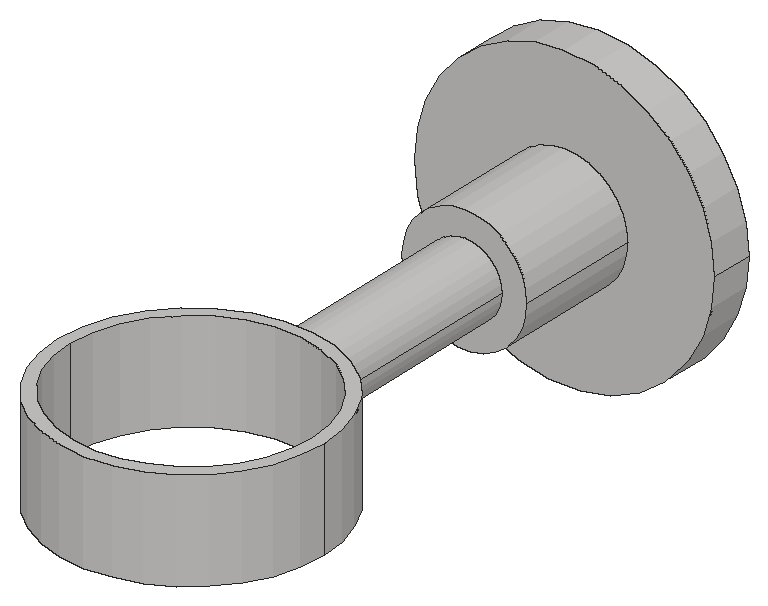
Revit family "T5", category Generic Models, Revit 2021
Family settings
  Can host rebar = No
  Round Connector Dimension = Use Diameter
  Part Type = Normal
  Work Plane-Based = No
  Always vertical = Yes
  Cut with Voids When Loaded = No
  Shared = No
  Room Calculation Point = No
Parameters (values of type "Standard")
  e-mail = "info@vola.com"
  URL = "http://vola.com"
  Telephone = "+45 7023 5500"
  Quality management standard = "ISO 9001"
  Organisation no. / DUNS no. = "17531328"
  Occupational health and safety management standard = "ISO 18001"
  Mounting Instructions = "http://vola.com/service/producturl.ashx?name=T5"
  Model = "T5"
  Materials and components information = "http://vola.com/service/producturl.ashx?name=T5"
  Manufacturer = "VOLA A/S"
  Maintenance Instructions = "http://vola.com/service/producturl.ashx?name=T5"
  Guarantee = "2 years"
  Environmental management standard = "ISO 14000"
  Default Elevation = 0.0000 mm
  Connection - All relevant connections = ""
  Approvals = "http://vola.com/service/producturl.ashx?name=T5"
Reference planes
  plane 1 "Center (Front/Back)": y = 0
  plane 2: z = 0
  plane 3 "Center (Left/Right)": x = 0
Forms (mm)
  Extrusion 1, solid, material "Stainless Steel"
    sketch origin (0, 0, 0) x (1, 0, 0) y (0, 0, 1)
      loop
        circle (0, 0) r 18
    from 0 to 5
  Extrusion 2, solid, material "Stainless Steel"
    sketch origin (0, -5, 0) x (1, 0, 0) y (0, 0, 1)
      loop
        circle (0, 0) r 7.5
    from 0 to 15
  Extrusion 3, solid, material "Stainless Steel"
    sketch origin (0, -20, 0) x (1, 0, 0) y (0, 0, 1)
      loop
        circle (0, 0) r 4.475
    from 0 to 25
  Extrusion 4, solid, material "Stainless Steel"
    sketch origin (-0.311, 0, 0) x (1, 0, 0) y (0, 1, 0)
      loop
        circle (0.311, -61) r 16
      loop
        circle (0.311, -61) r 14.5
    from -6 to 6
Cuts and joins
  joined: Extrusion 3, Extrusion 4
Dimensions and locks
  aligned and locked: plane 2 to level
